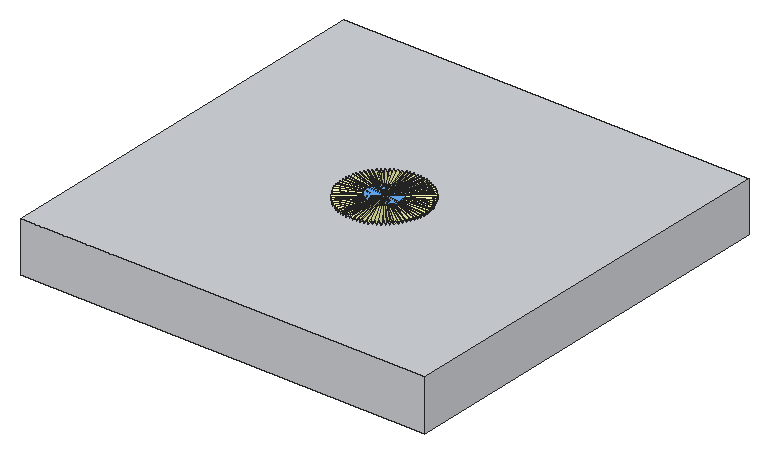
Revit family "Leque de Papel", category Mobiliário, Revit 2018
Family settings
  Hospedeiro = Face
  Corte com vazios quando carregada = Não
  Compartilhado = Não
  Ponto de cálculo do ambiente = Não
Parameters (values of type "Leque de Papel 50cm")
  Leque = Papel
  Default Elevation = 1219.2 mm
  Centro = Papel 3
  50 = yes
  40 = no
  30 = no
  20 = no
  10 = no
Reference planes
  plane 1 "Centro (Frente/Trás)": y = 0
  plane 2: z = 0
  plane 3 "Centro (Esquerda/Direita)": x = 0
  plane 4: z = 20
Forms (mm)
  Extrusion 1, solid
    sketch origin (0, 0, 0) x (1, 0, 0) y (0, 1, 0)
      loop
        line (-1219.2, 1219.2) -> (-1219.2, -1219.2) -> (1219.2, -1219.2) -> (1219.2, 1219.2) -> (-1219.2, 1219.2)
    from 0 to -304.8
  Sweep 2, solid, material "Papel" <- "Leque", visible <- "50", not visible
    path origin (0, 0, 0) x (1, 0, 0) y (0, 1, 0)
      loop
        line (0, -250) -> (0, 250)
    profile origin (0, 0, 0) x (-1, 0, 0) y (0, 0, 1)
      loop
        line (10.75, 0) -> (0, 19.545) -> (-10.75, 0) -> (-9.855, -0.448) -> (0, 17.47) -> (9.855, -0.448) -> (10.75, 0)
  Sweep 3, solid, material "Papel" <- "Leque", visible <- "50", not visible
    path origin (0, 0, 0) x (0, -1, 0) y (-1, 0, 0)
      loop
        line (0, -250) -> (0, 250)
    profile origin (0, 0, 0) x (0, -1, 0) y (0, 0, 1)
      loop
        line (-11, 0) -> (-10.105, -0.448) -> (0, 17.925) -> (10.105, -0.448) -> (11, 0) -> (0, 20) -> (-11, 0)
  Sweep 4, solid, material "Papel" <- "Leque", visible <- "50", not visible
    path origin (0, 0, 0) x (-0.996609, -0.08228, 0) y (-0.08228, 0.996609, 0)
      loop
        line (0, -250) -> (0, 250)
    profile origin (0, 0, 0) x (-0.996609, -0.08228, 0) y (0, 0, 1)
      loop
        line (-10.75, 0) -> (-9.855, -0.448) -> (0, 17.47) -> (9.855, -0.448) -> (10.75, 0) -> (0, 19.545) -> (-10.75, 0)
  Sweep 5, solid, material "Papel" <- "Leque", visible <- "50", not visible
    path origin (0, 0, 0) x (-0.98646, -0.164001, 0) y (-0.164001, 0.98646, 0)
      loop
        line (0, -250) -> (0, 250)
    profile origin (0, 0, 0) x (-0.98646, -0.164001, 0) y (0, 0, 1)
      loop
        line (-10.75, 0) -> (-9.855, -0.448) -> (0, 17.47) -> (9.855, -0.448) -> (10.75, 0) -> (0, 19.545) -> (-10.75, 0)
  Sweep 6, solid, material "Papel" <- "Leque", visible <- "50", not visible
    path origin (0, 0, 0) x (-0.946207, -0.323561, 0) y (-0.323561, 0.946207, 0)
      loop
        line (0, -250) -> (0, 250)
    profile origin (0, 0, 0) x (-0.946207, -0.323561, 0) y (0, 0, 1)
      loop
        line (-10.75, 0) -> (-9.855, -0.448) -> (0, 17.47) -> (9.855, -0.448) -> (10.75, 0) -> (0, 19.545) -> (-10.75, 0)
  Sweep 7, solid, material "Papel" <- "Leque", visible <- "50", not visible
    path origin (0, 0, 0) x (0.969621, 0.244611, 0) y (-0.244611, 0.969621, 0)
      loop
        line (0, -250) -> (0, 250)
    profile origin (0, 0, 0) x (-0.969621, -0.244611, 0) y (0, 0, 1)
      loop
        line (10.75, 0) -> (0, 19.545) -> (-10.75, 0) -> (-9.855, -0.448) -> (0, 17.47) -> (9.855, -0.448) -> (10.75, 0)
  Sweep 8, solid, material "Papel" <- "Leque", visible <- "50", not visible
    path origin (0, 0, 0) x (-0.790616, -0.612312, 0) y (-0.612312, 0.790616, 0)
      loop
        line (0, -250) -> (0, 250)
    profile origin (0, 0, 0) x (-0.790616, -0.612312, 0) y (0, 0, 1)
      loop
        line (-10.75, 0) -> (-9.855, -0.448) -> (0, 17.47) -> (9.855, -0.448) -> (10.75, 0) -> (0, 19.545) -> (-10.75, 0)
  Sweep 9, solid, material "Papel" <- "Leque", visible <- "50", not visible
    path origin (0, 0, 0) x (0.838316, 0.545184, 0) y (-0.545184, 0.838316, 0)
      loop
        line (0, -250) -> (0, 250)
    profile origin (0, 0, 0) x (-0.838316, -0.545184, 0) y (0, 0, 1)
      loop
        line (10.75, 0) -> (0, 19.545) -> (-10.75, 0) -> (-9.855, -0.448) -> (0, 17.47) -> (9.855, -0.448) -> (10.75, 0)
  Sweep 10, solid, material "Papel" <- "Leque", visible <- "50", not visible
    path origin (0, 0, 0) x (0.880331, 0.474359, 0) y (-0.474359, 0.880331, 0)
      loop
        line (0, -250) -> (0, 250)
    profile origin (0, 0, 0) x (-0.880331, -0.474359, 0) y (0, 0, 1)
      loop
        line (10.75, 0) -> (0, 19.545) -> (-10.75, 0) -> (-9.855, -0.448) -> (0, 17.47) -> (9.855, -0.448) -> (10.75, 0)
  Sweep 11, solid, material "Papel" <- "Leque", visible <- "50", not visible
    path origin (0, 0, 0) x (-0.916376, -0.400318, 0) y (-0.400318, 0.916376, 0)
      loop
        line (0, -250) -> (0, 250)
    profile origin (0, 0, 0) x (-0.916376, -0.400318, 0) y (0, 0, 1)
      loop
        line (-10.75, 0) -> (-9.855, -0.448) -> (0, 17.47) -> (9.855, -0.448) -> (10.75, 0) -> (0, 19.545) -> (-10.75, 0)
  Sweep 12, solid, material "Papel" <- "Leque", visible <- "50", not visible
    path origin (0, 0, 0) x (-0.250148, -0.968207, 0) y (-0.968207, 0.250148, 0)
      loop
        line (0, -250) -> (0, 250)
    profile origin (0, 0, 0) x (-0.250148, -0.968207, 0) y (0, 0, 1)
      loop
        line (-10.75, 0) -> (-9.855, -0.448) -> (0, 17.47) -> (9.855, -0.448) -> (10.75, 0) -> (0, 19.545) -> (-10.75, 0)
  Sweep 13, solid, material "Papel" <- "Leque", visible <- "50", not visible
    path origin (0, 0, 0) x (0.328964, 0.944342, 0) y (-0.944342, 0.328964, 0)
      loop
        line (0, -250) -> (0, 250)
    profile origin (0, 0, 0) x (-0.328964, -0.944342, 0) y (0, 0, 1)
      loop
        line (10.75, 0) -> (0, 19.545) -> (-10.75, 0) -> (-9.855, -0.448) -> (0, 17.47) -> (9.855, -0.448) -> (10.75, 0)
  Sweep 14, solid, material "Papel" <- "Leque", visible <- "50", not visible
    path origin (0, 0, 0) x (0.405549, 0.914073, 0) y (-0.914073, 0.405549, 0)
      loop
        line (0, -250) -> (0, 250)
    profile origin (0, 0, 0) x (-0.405549, -0.914073, 0) y (0, 0, 1)
      loop
        line (10.75, 0) -> (0, 19.545) -> (-10.75, 0) -> (-9.855, -0.448) -> (0, 17.47) -> (9.855, -0.448) -> (10.75, 0)
  Sweep 15, solid, material "Papel" <- "Leque", visible <- "50", not visible
    path origin (0, 0, 0) x (0.549967, 0.835187, 0) y (-0.835187, 0.549967, 0)
      loop
        line (0, -250) -> (0, 250)
    profile origin (0, 0, 0) x (-0.549967, -0.835187, 0) y (0, 0, 1)
      loop
        line (10.75, 0) -> (0, 19.545) -> (-10.75, 0) -> (-9.855, -0.448) -> (0, 17.47) -> (9.855, -0.448) -> (10.75, 0)
  Sweep 16, solid, material "Papel" <- "Leque", visible <- "50", not visible
    path origin (0, 0, 0) x (-0.479383, -0.877606, 0) y (-0.877606, 0.479383, 0)
      loop
        line (0, -250) -> (0, 250)
    profile origin (0, 0, 0) x (-0.479383, -0.877606, 0) y (0, 0, 1)
      loop
        line (-10.75, 0) -> (-9.855, -0.448) -> (0, 17.47) -> (9.855, -0.448) -> (10.75, 0) -> (0, 19.545) -> (-10.75, 0)
  Sweep 17, solid, material "Papel" <- "Leque", visible <- "50", not visible
    path origin (0, 0, 0) x (-0.737555, -0.675287, 0) y (-0.675287, 0.737555, 0)
      loop
        line (0, -250) -> (0, 250)
    profile origin (0, 0, 0) x (-0.737555, -0.675287, 0) y (0, 0, 1)
      loop
        line (-10.75, 0) -> (-9.855, -0.448) -> (0, 17.47) -> (9.855, -0.448) -> (10.75, 0) -> (0, 19.545) -> (-10.75, 0)
  Sweep 18, solid, material "Papel" <- "Leque", visible <- "50", not visible
    path origin (0, 0, 0) x (-0.679492, -0.733683, 0) y (-0.733683, 0.679492, 0)
      loop
        line (0, -250) -> (0, 250)
    profile origin (0, 0, 0) x (-0.679492, -0.733683, 0) y (0, 0, 1)
      loop
        line (-10.75, 0) -> (-9.855, -0.448) -> (0, 17.47) -> (9.855, -0.448) -> (10.75, 0) -> (0, 19.545) -> (-10.75, 0)
  Sweep 19, solid, material "Papel" <- "Leque", visible <- "50", not visible
    path origin (0, 0, 0) x (0.616821, 0.787104, 0) y (-0.787104, 0.616821, 0)
      loop
        line (0, -250) -> (0, 250)
    profile origin (0, 0, 0) x (-0.616821, -0.787104, 0) y (0, 0, 1)
      loop
        line (10.75, 0) -> (0, 19.545) -> (-10.75, 0) -> (-9.855, -0.448) -> (0, 17.47) -> (9.855, -0.448) -> (10.75, 0)
  Sweep 20, solid, material "Papel" <- "Leque", visible <- "50", not visible
    path origin (0, 0, 0) x (-0.169637, -0.985507, 0) y (-0.985507, 0.169637, 0)
      loop
        line (0, -250) -> (0, 250)
    profile origin (0, 0, 0) x (-0.169637, -0.985507, 0) y (0, 0, 1)
      loop
        line (-10.75, 0) -> (-9.855, -0.448) -> (0, 17.47) -> (9.855, -0.448) -> (10.75, 0) -> (0, 19.545) -> (-10.75, 0)
  Sweep 21, solid, material "Papel" <- "Leque", visible <- "50", not visible
    path origin (0, 0, 0) x (-0.087974, -0.996123, 0) y (-0.996123, 0.087974, 0)
      loop
        line (0, -250) -> (0, 250)
    profile origin (0, 0, 0) x (-0.087974, -0.996123, 0) y (0, 0, 1)
      loop
        line (-10.75, 0) -> (-9.855, -0.448) -> (0, 17.47) -> (9.855, -0.448) -> (10.75, 0) -> (0, 19.545) -> (-10.75, 0)
  Sweep 22, solid, material "Papel" <- "Leque", visible <- "50", not visible
    path origin (0, 0, 0) x (-0.996609, 0.08228, 0) y (-0.08228, -0.996609, 0)
      loop
        line (0, -250) -> (0, 250)
    profile origin (0, 0, 0) x (0.996609, -0.08228, 0) y (0, 0, 1)
      loop
        line (10.75, 0) -> (0, 19.545) -> (-10.75, 0) -> (-9.855, -0.448) -> (0, 17.47) -> (9.855, -0.448) -> (10.75, 0)
  Sweep 23, solid, material "Papel" <- "Leque", visible <- "50", not visible
    path origin (0, 0, 0) x (-0.98646, 0.164001, 0) y (-0.164001, -0.98646, 0)
      loop
        line (0, -250) -> (0, 250)
    profile origin (0, 0, 0) x (0.98646, -0.164001, 0) y (0, 0, 1)
      loop
        line (10.75, 0) -> (0, 19.545) -> (-10.75, 0) -> (-9.855, -0.448) -> (0, 17.47) -> (9.855, -0.448) -> (10.75, 0)
  Sweep 24, solid, material "Papel" <- "Leque", visible <- "50", not visible
    path origin (0, 0, 0) x (-0.946207, 0.323561, 0) y (-0.323561, -0.946207, 0)
      loop
        line (0, -250) -> (0, 250)
    profile origin (0, 0, 0) x (0.946207, -0.323561, 0) y (0, 0, 1)
      loop
        line (10.75, 0) -> (0, 19.545) -> (-10.75, 0) -> (-9.855, -0.448) -> (0, 17.47) -> (9.855, -0.448) -> (10.75, 0)
  Sweep 25, solid, material "Papel" <- "Leque", visible <- "50", not visible
    path origin (0, 0, 0) x (0.969621, -0.244611, 0) y (-0.244611, -0.969621, 0)
      loop
        line (0, -250) -> (0, 250)
    profile origin (0, 0, 0) x (0.969621, -0.244611, 0) y (0, 0, 1)
      loop
        line (-10.75, 0) -> (-9.855, -0.448) -> (0, 17.47) -> (9.855, -0.448) -> (10.75, 0) -> (0, 19.545) -> (-10.75, 0)
  Sweep 26, solid, material "Papel" <- "Leque", visible <- "50", not visible
    path origin (0, 0, 0) x (-0.790616, 0.612312, 0) y (-0.612312, -0.790616, 0)
      loop
        line (0, -250) -> (0, 250)
    profile origin (0, 0, 0) x (0.790616, -0.612312, 0) y (0, 0, 1)
      loop
        line (10.75, 0) -> (0, 19.545) -> (-10.75, 0) -> (-9.855, -0.448) -> (0, 17.47) -> (9.855, -0.448) -> (10.75, 0)
  Sweep 27, solid, material "Papel" <- "Leque", visible <- "50", not visible
    path origin (0, 0, 0) x (0.838316, -0.545184, 0) y (-0.545184, -0.838316, 0)
      loop
        line (0, -250) -> (0, 250)
    profile origin (0, 0, 0) x (0.838316, -0.545184, 0) y (0, 0, 1)
      loop
        line (-10.75, 0) -> (-9.855, -0.448) -> (0, 17.47) -> (9.855, -0.448) -> (10.75, 0) -> (0, 19.545) -> (-10.75, 0)
  Sweep 28, solid, material "Papel" <- "Leque", visible <- "50", not visible
    path origin (0, 0, 0) x (0.880331, -0.474359, 0) y (-0.474359, -0.880331, 0)
      loop
        line (0, -250) -> (0, 250)
    profile origin (0, 0, 0) x (0.880331, -0.474359, 0) y (0, 0, 1)
      loop
        line (-10.75, 0) -> (-9.855, -0.448) -> (0, 17.47) -> (9.855, -0.448) -> (10.75, 0) -> (0, 19.545) -> (-10.75, 0)
  Sweep 29, solid, material "Papel" <- "Leque", visible <- "50", not visible
    path origin (0, 0, 0) x (-0.916376, 0.400318, 0) y (-0.400318, -0.916376, 0)
      loop
        line (0, -250) -> (0, 250)
    profile origin (0, 0, 0) x (0.916376, -0.400318, 0) y (0, 0, 1)
      loop
        line (10.75, 0) -> (0, 19.545) -> (-10.75, 0) -> (-9.855, -0.448) -> (0, 17.47) -> (9.855, -0.448) -> (10.75, 0)
  Sweep 30, solid, material "Papel" <- "Leque", visible <- "50", not visible
    path origin (0, 0, 0) x (-0.250148, 0.968207, 0) y (-0.968207, -0.250148, 0)
      loop
        line (0, -250) -> (0, 250)
    profile origin (0, 0, 0) x (0.250148, -0.968207, 0) y (0, 0, 1)
      loop
        line (10.75, 0) -> (0, 19.545) -> (-10.75, 0) -> (-9.855, -0.448) -> (0, 17.47) -> (9.855, -0.448) -> (10.75, 0)
  Sweep 31, solid, material "Papel" <- "Leque", visible <- "50", not visible
    path origin (0, 0, 0) x (0.328964, -0.944342, 0) y (-0.944342, -0.328964, 0)
      loop
        line (0, -250) -> (0, 250)
    profile origin (0, 0, 0) x (0.328964, -0.944342, 0) y (0, 0, 1)
      loop
        line (-10.75, 0) -> (-9.855, -0.448) -> (0, 17.47) -> (9.855, -0.448) -> (10.75, 0) -> (0, 19.545) -> (-10.75, 0)
  Sweep 32, solid, material "Papel" <- "Leque", visible <- "50", not visible
    path origin (0, 0, 0) x (0.405549, -0.914073, 0) y (-0.914073, -0.405549, 0)
      loop
        line (0, -250) -> (0, 250)
    profile origin (0, 0, 0) x (0.405549, -0.914073, 0) y (0, 0, 1)
      loop
        line (-10.75, 0) -> (-9.855, -0.448) -> (0, 17.47) -> (9.855, -0.448) -> (10.75, 0) -> (0, 19.545) -> (-10.75, 0)
  Sweep 33, solid, material "Papel" <- "Leque", visible <- "50", not visible
    path origin (0, 0, 0) x (0.549967, -0.835187, 0) y (-0.835187, -0.549967, 0)
      loop
        line (0, -250) -> (0, 250)
    profile origin (0, 0, 0) x (0.549967, -0.835187, 0) y (0, 0, 1)
      loop
        line (-10.75, 0) -> (-9.855, -0.448) -> (0, 17.47) -> (9.855, -0.448) -> (10.75, 0) -> (0, 19.545) -> (-10.75, 0)
  Sweep 34, solid, material "Papel" <- "Leque", visible <- "50", not visible
    path origin (0, 0, 0) x (-0.479383, 0.877606, 0) y (-0.877606, -0.479383, 0)
      loop
        line (0, -250) -> (0, 250)
    profile origin (0, 0, 0) x (0.479383, -0.877606, 0) y (0, 0, 1)
      loop
        line (10.75, 0) -> (0, 19.545) -> (-10.75, 0) -> (-9.855, -0.448) -> (0, 17.47) -> (9.855, -0.448) -> (10.75, 0)
  Sweep 35, solid, material "Papel" <- "Leque", visible <- "50", not visible
    path origin (0, 0, 0) x (-0.737555, 0.675287, 0) y (-0.675287, -0.737555, 0)
      loop
        line (0, -250) -> (0, 250)
    profile origin (0, 0, 0) x (0.737555, -0.675287, 0) y (0, 0, 1)
      loop
        line (10.75, 0) -> (0, 19.545) -> (-10.75, 0) -> (-9.855, -0.448) -> (0, 17.47) -> (9.855, -0.448) -> (10.75, 0)
  Sweep 36, solid, material "Papel" <- "Leque", visible <- "50", not visible
    path origin (0, 0, 0) x (-0.679492, 0.733683, 0) y (-0.733683, -0.679492, 0)
      loop
        line (0, -250) -> (0, 250)
    profile origin (0, 0, 0) x (0.679492, -0.733683, 0) y (0, 0, 1)
      loop
        line (10.75, 0) -> (0, 19.545) -> (-10.75, 0) -> (-9.855, -0.448) -> (0, 17.47) -> (9.855, -0.448) -> (10.75, 0)
  Sweep 37, solid, material "Papel" <- "Leque", visible <- "50", not visible
    path origin (0, 0, 0) x (0.616821, -0.787104, 0) y (-0.787104, -0.616821, 0)
      loop
        line (0, -250) -> (0, 250)
    profile origin (0, 0, 0) x (0.616821, -0.787104, 0) y (0, 0, 1)
      loop
        line (-10.75, 0) -> (-9.855, -0.448) -> (0, 17.47) -> (9.855, -0.448) -> (10.75, 0) -> (0, 19.545) -> (-10.75, 0)
  Sweep 38, solid, material "Papel" <- "Leque", visible <- "50", not visible
    path origin (0, 0, 0) x (-0.169637, 0.985507, 0) y (-0.985507, -0.169637, 0)
      loop
        line (0, -250) -> (0, 250)
    profile origin (0, 0, 0) x (0.169637, -0.985507, 0) y (0, 0, 1)
      loop
        line (10.75, 0) -> (0, 19.545) -> (-10.75, 0) -> (-9.855, -0.448) -> (0, 17.47) -> (9.855, -0.448) -> (10.75, 0)
  Sweep 39, solid, material "Papel" <- "Leque", visible <- "50", not visible
    path origin (0, 0, 0) x (-0.087974, 0.996123, 0) y (-0.996123, -0.087974, 0)
      loop
        line (0, -250) -> (0, 250)
    profile origin (0, 0, 0) x (0.087974, -0.996123, 0) y (0, 0, 1)
      loop
        line (10.75, 0) -> (0, 19.545) -> (-10.75, 0) -> (-9.855, -0.448) -> (0, 17.47) -> (9.855, -0.448) -> (10.75, 0)
  Extrusion 40, solid, material "Papel 3" <- "Centro", visible <- "50", not visible
    sketch origin (533.855, -4385.597, 20) x (-1, 0, 0) y (0, -1, 0)
      loop
        circle (533.855, -4385.597) r 100
    from 0 to 2
  Sweep 41, solid, material "Papel" <- "Leque", visible <- "40", not visible
    path origin (-600, 0, 0) x (1, 0, 0) y (0, 1, 0)
      loop
        line (0, -200) -> (0, 200)
    profile origin (-600, 0, 0) x (-1, 0, 0) y (0, 0, 1)
      loop
        line (10.2, 0) -> (0, 18.545) -> (-10.2, 0) -> (-9.305, -0.448) -> (0, 16.47) -> (9.305, -0.448) -> (10.2, 0)
  Sweep 42, solid, material "Papel" <- "Leque", visible <- "40", not visible
    path origin (-600, 0, 0) x (0, -1, 0) y (-1, 0, 0)
      loop
        line (0, -200) -> (0, 200)
    profile origin (-600, 0, 0) x (0, -1, 0) y (0, 0, 1)
      loop
        line (-10, 0) -> (-9.105, -0.448) -> (0, 16.107) -> (9.105, -0.448) -> (10, 0) -> (0, 18.182) -> (-10, 0)
  Sweep 43, solid, material "Papel" <- "Leque", visible <- "40", not visible
    path origin (-600, 0, 0) x (-0.995256, -0.097293, 0) y (-0.097293, 0.995256, 0)
      loop
        line (0, -200) -> (0, 200)
    profile origin (-600, 0, 0) x (-0.995256, -0.097293, 0) y (0, 0, 1)
      loop
        line (-10.2, 0) -> (-9.305, -0.448) -> (0, 16.47) -> (9.305, -0.448) -> (10.2, 0) -> (0, 18.545) -> (-10.2, 0)
  Sweep 44, solid, material "Papel" <- "Leque", visible <- "40", not visible
    path origin (-600, 0, 0) x (-0.981068, -0.193662, 0) y (-0.193662, 0.981068, 0)
      loop
        line (0, -200) -> (0, 200)
    profile origin (-600, 0, 0) x (-0.981068, -0.193662, 0) y (0, 0, 1)
      loop
        line (-10.2, 0) -> (-9.305, -0.448) -> (0, 16.47) -> (9.305, -0.448) -> (10.2, 0) -> (0, 18.545) -> (-10.2, 0)
  Sweep 45, solid, material "Papel" <- "Leque", visible <- "40", not visible
    path origin (-600, 0, 0) x (-0.92499, -0.379991, 0) y (-0.379991, 0.92499, 0)
      loop
        line (0, -200) -> (0, 200)
    profile origin (-600, 0, 0) x (-0.92499, -0.379991, 0) y (0, 0, 1)
      loop
        line (-10.2, 0) -> (-9.305, -0.448) -> (0, 16.47) -> (9.305, -0.448) -> (10.2, 0) -> (0, 18.545) -> (-10.2, 0)
  Sweep 46, solid, material "Papel" <- "Leque", visible <- "40", not visible
    path origin (-600, 0, 0) x (0.957572, 0.288194, 0) y (-0.288194, 0.957572, 0)
      loop
        line (0, -200) -> (0, 200)
    profile origin (-600, 0, 0) x (-0.957572, -0.288194, 0) y (0, 0, 1)
      loop
        line (10.2, 0) -> (0, 18.545) -> (-10.2, 0) -> (-9.305, -0.448) -> (0, 16.47) -> (9.305, -0.448) -> (10.2, 0)
  Sweep 47, solid, material "Papel" <- "Leque", visible <- "40", not visible
    path origin (-600, 0, 0) x (-0.711213, -0.702977, 0) y (-0.702977, 0.711213, 0)
      loop
        line (0, -200) -> (0, 200)
    profile origin (-600, 0, 0) x (-0.711213, -0.702977, 0) y (0, 0, 1)
      loop
        line (-10.2, 0) -> (-9.305, -0.448) -> (0, 16.47) -> (9.305, -0.448) -> (10.2, 0) -> (0, 18.545) -> (-10.2, 0)
  Sweep 48, solid, material "Papel" <- "Leque", visible <- "40", not visible
    path origin (-600, 0, 0) x (0.776233, 0.630446, 0) y (-0.630446, 0.776233, 0)
      loop
        line (0, -200) -> (0, 200)
    profile origin (-600, 0, 0) x (-0.776233, -0.630446, 0) y (0, 0, 1)
      loop
        line (10.2, 0) -> (0, 18.545) -> (-10.2, 0) -> (-9.305, -0.448) -> (0, 16.47) -> (9.305, -0.448) -> (10.2, 0)
  Sweep 49, solid, material "Papel" <- "Leque", visible <- "40", not visible
    path origin (-600, 0, 0) x (0.833888, 0.551933, 0) y (-0.551933, 0.833888, 0)
      loop
        line (0, -200) -> (0, 200)
    profile origin (-600, 0, 0) x (-0.833888, -0.551933, 0) y (0, 0, 1)
      loop
        line (10.2, 0) -> (0, 18.545) -> (-10.2, 0) -> (-9.305, -0.448) -> (0, 16.47) -> (9.305, -0.448) -> (10.2, 0)
  Sweep 50, solid, material "Papel" <- "Leque", visible <- "40", not visible
    path origin (-600, 0, 0) x (-0.883631, -0.468183, 0) y (-0.468183, 0.883631, 0)
      loop
        line (0, -200) -> (0, 200)
    profile origin (-600, 0, 0) x (-0.883631, -0.468183, 0) y (0, 0, 1)
      loop
        line (-10.2, 0) -> (-9.305, -0.448) -> (0, 16.47) -> (9.305, -0.448) -> (10.2, 0) -> (0, 18.545) -> (-10.2, 0)
  Sweep 51, solid, material "Papel" <- "Leque", visible <- "40", not visible
    path origin (-600, 0, 0) x (0.09901, 0.995086, 0) y (-0.995086, 0.09901, 0)
      loop
        line (0, -200) -> (0, 200)
    profile origin (-600, 0, 0) x (-0.09901, -0.995086, 0) y (0, 0, 1)
      loop
        line (10.2, 0) -> (0, 18.545) -> (-10.2, 0) -> (-9.305, -0.448) -> (0, 16.47) -> (9.305, -0.448) -> (10.2, 0)
  Sweep 52, solid, material "Papel" <- "Leque", visible <- "40", not visible
    path origin (-600, 0, 0) x (0.19968, 0.979861, 0) y (-0.979861, 0.19968, 0)
      loop
        line (0, -200) -> (0, 200)
    profile origin (-600, 0, 0) x (-0.19968, -0.979861, 0) y (0, 0, 1)
      loop
        line (10.2, 0) -> (0, 18.545) -> (-10.2, 0) -> (-9.305, -0.448) -> (0, 16.47) -> (9.305, -0.448) -> (10.2, 0)
  Sweep 53, solid, material "Papel" <- "Leque", visible <- "40", not visible
    path origin (-600, 0, 0) x (0.39074, 0.920501, 0) y (-0.920501, 0.39074, 0)
      loop
        line (0, -200) -> (0, 200)
    profile origin (-600, 0, 0) x (-0.39074, -0.920501, 0) y (0, 0, 1)
      loop
        line (10.2, 0) -> (0, 18.545) -> (-10.2, 0) -> (-9.305, -0.448) -> (0, 16.47) -> (9.305, -0.448) -> (10.2, 0)
  Sweep 54, solid, material "Papel" <- "Leque", visible <- "40", not visible
    path origin (-600, 0, 0) x (-0.299328, -0.95415, 0) y (-0.95415, 0.299328, 0)
      loop
        line (0, -200) -> (0, 200)
    profile origin (-600, 0, 0) x (-0.299328, -0.95415, 0) y (0, 0, 1)
      loop
        line (-10.2, 0) -> (-9.305, -0.448) -> (0, 16.47) -> (9.305, -0.448) -> (10.2, 0) -> (0, 18.545) -> (-10.2, 0)
  Sweep 55, solid, material "Papel" <- "Leque", visible <- "40", not visible
    path origin (-600, 0, 0) x (-0.639445, -0.768837, 0) y (-0.768837, 0.639445, 0)
      loop
        line (0, -200) -> (0, 200)
    profile origin (-600, 0, 0) x (-0.639445, -0.768837, 0) y (0, 0, 1)
      loop
        line (-10.2, 0) -> (-9.305, -0.448) -> (0, 16.47) -> (9.305, -0.448) -> (10.2, 0) -> (0, 18.545) -> (-10.2, 0)
  Sweep 56, solid, material "Papel" <- "Leque", visible <- "40", not visible
    path origin (-600, 0, 0) x (-0.561609, -0.827403, 0) y (-0.827403, 0.561609, 0)
      loop
        line (0, -200) -> (0, 200)
    profile origin (-600, 0, 0) x (-0.561609, -0.827403, 0) y (0, 0, 1)
      loop
        line (-10.2, 0) -> (-9.305, -0.448) -> (0, 16.47) -> (9.305, -0.448) -> (10.2, 0) -> (0, 18.545) -> (-10.2, 0)
  Sweep 57, solid, material "Papel" <- "Leque", visible <- "40", not visible
    path origin (-600, 0, 0) x (0.478444, 0.878118, 0) y (-0.878118, 0.478444, 0)
      loop
        line (0, -200) -> (0, 200)
    profile origin (-600, 0, 0) x (-0.478444, -0.878118, 0) y (0, 0, 1)
      loop
        line (10.2, 0) -> (0, 18.545) -> (-10.2, 0) -> (-9.305, -0.448) -> (0, 16.47) -> (9.305, -0.448) -> (10.2, 0)
  Sweep 58, solid, material "Papel" <- "Leque", visible <- "40", not visible
    path origin (-600, 0, 0) x (0.995256, -0.097293, 0) y (0.097293, 0.995256, 0)
      loop
        line (0, -200) -> (0, 200)
    profile origin (-600, 0, 0) x (-0.995256, 0.097293, 0) y (0, 0, 1)
      loop
        line (10.2, 0) -> (0, 18.545) -> (-10.2, 0) -> (-9.305, -0.448) -> (0, 16.47) -> (9.305, -0.448) -> (10.2, 0)
  Sweep 59, solid, material "Papel" <- "Leque", visible <- "40", not visible
    path origin (-600, 0, 0) x (0.981068, -0.193662, 0) y (0.193662, 0.981068, 0)
      loop
        line (0, -200) -> (0, 200)
    profile origin (-600, 0, 0) x (-0.981068, 0.193662, 0) y (0, 0, 1)
      loop
        line (10.2, 0) -> (0, 18.545) -> (-10.2, 0) -> (-9.305, -0.448) -> (0, 16.47) -> (9.305, -0.448) -> (10.2, 0)
  Sweep 60, solid, material "Papel" <- "Leque", visible <- "40", not visible
    path origin (-600, 0, 0) x (0.92499, -0.379991, 0) y (0.379991, 0.92499, 0)
      loop
        line (0, -200) -> (0, 200)
    profile origin (-600, 0, 0) x (-0.92499, 0.379991, 0) y (0, 0, 1)
      loop
        line (10.2, 0) -> (0, 18.545) -> (-10.2, 0) -> (-9.305, -0.448) -> (0, 16.47) -> (9.305, -0.448) -> (10.2, 0)
  Sweep 61, solid, material "Papel" <- "Leque", visible <- "40", not visible
    path origin (-600, 0, 0) x (-0.957572, 0.288194, 0) y (0.288194, 0.957572, 0)
      loop
        line (0, -200) -> (0, 200)
    profile origin (-600, 0, 0) x (-0.957572, 0.288194, 0) y (0, 0, 1)
      loop
        line (-10.2, 0) -> (-9.305, -0.448) -> (0, 16.47) -> (9.305, -0.448) -> (10.2, 0) -> (0, 18.545) -> (-10.2, 0)
  Sweep 62, solid, material "Papel" <- "Leque", visible <- "40", not visible
    path origin (-600, 0, 0) x (0.711213, -0.702977, 0) y (0.702977, 0.711213, 0)
      loop
        line (0, -200) -> (0, 200)
    profile origin (-600, 0, 0) x (-0.711213, 0.702977, 0) y (0, 0, 1)
      loop
        line (10.2, 0) -> (0, 18.545) -> (-10.2, 0) -> (-9.305, -0.448) -> (0, 16.47) -> (9.305, -0.448) -> (10.2, 0)
  Sweep 63, solid, material "Papel" <- "Leque", visible <- "40", not visible
    path origin (-600, 0, 0) x (-0.776233, 0.630446, 0) y (0.630446, 0.776233, 0)
      loop
        line (0, -200) -> (0, 200)
    profile origin (-600, 0, 0) x (-0.776233, 0.630446, 0) y (0, 0, 1)
      loop
        line (-10.2, 0) -> (-9.305, -0.448) -> (0, 16.47) -> (9.305, -0.448) -> (10.2, 0) -> (0, 18.545) -> (-10.2, 0)
  Sweep 64, solid, material "Papel" <- "Leque", visible <- "40", not visible
    path origin (-600, 0, 0) x (-0.833888, 0.551933, 0) y (0.551933, 0.833888, 0)
      loop
        line (0, -200) -> (0, 200)
    profile origin (-600, 0, 0) x (-0.833888, 0.551933, 0) y (0, 0, 1)
      loop
        line (-10.2, 0) -> (-9.305, -0.448) -> (0, 16.47) -> (9.305, -0.448) -> (10.2, 0) -> (0, 18.545) -> (-10.2, 0)
  Sweep 65, solid, material "Papel" <- "Leque", visible <- "40", not visible
    path origin (-600, 0, 0) x (0.883631, -0.468183, 0) y (0.468183, 0.883631, 0)
      loop
        line (0, -200) -> (0, 200)
    profile origin (-600, 0, 0) x (-0.883631, 0.468183, 0) y (0, 0, 1)
      loop
        line (10.2, 0) -> (0, 18.545) -> (-10.2, 0) -> (-9.305, -0.448) -> (0, 16.47) -> (9.305, -0.448) -> (10.2, 0)
  Sweep 66, solid, material "Papel" <- "Leque", visible <- "40", not visible
    path origin (-600, 0, 0) x (-0.09901, 0.995086, 0) y (0.995086, 0.09901, 0)
      loop
        line (0, -200) -> (0, 200)
    profile origin (-600, 0, 0) x (-0.09901, 0.995086, 0) y (0, 0, 1)
      loop
        line (-10.2, 0) -> (-9.305, -0.448) -> (0, 16.47) -> (9.305, -0.448) -> (10.2, 0) -> (0, 18.545) -> (-10.2, 0)
  Sweep 67, solid, material "Papel" <- "Leque", visible <- "40", not visible
    path origin (-600, 0, 0) x (-0.19968, 0.979861, 0) y (0.979861, 0.19968, 0)
      loop
        line (0, -200) -> (0, 200)
    profile origin (-600, 0, 0) x (-0.19968, 0.979861, 0) y (0, 0, 1)
      loop
        line (-10.2, 0) -> (-9.305, -0.448) -> (0, 16.47) -> (9.305, -0.448) -> (10.2, 0) -> (0, 18.545) -> (-10.2, 0)
  Sweep 68, solid, material "Papel" <- "Leque", visible <- "40", not visible
    path origin (-600, 0, 0) x (-0.39074, 0.920501, 0) y (0.920501, 0.39074, 0)
      loop
        line (0, -200) -> (0, 200)
    profile origin (-600, 0, 0) x (-0.39074, 0.920501, 0) y (0, 0, 1)
      loop
        line (-10.2, 0) -> (-9.305, -0.448) -> (0, 16.47) -> (9.305, -0.448) -> (10.2, 0) -> (0, 18.545) -> (-10.2, 0)
  Sweep 69, solid, material "Papel" <- "Leque", visible <- "40", not visible
    path origin (-600, 0, 0) x (0.299328, -0.95415, 0) y (0.95415, 0.299328, 0)
      loop
        line (0, -200) -> (0, 200)
    profile origin (-600, 0, 0) x (-0.299328, 0.95415, 0) y (0, 0, 1)
      loop
        line (10.2, 0) -> (0, 18.545) -> (-10.2, 0) -> (-9.305, -0.448) -> (0, 16.47) -> (9.305, -0.448) -> (10.2, 0)
  Sweep 70, solid, material "Papel" <- "Leque", visible <- "40", not visible
    path origin (-600, 0, 0) x (0.639445, -0.768837, 0) y (0.768837, 0.639445, 0)
      loop
        line (0, -200) -> (0, 200)
    profile origin (-600, 0, 0) x (-0.639445, 0.768837, 0) y (0, 0, 1)
      loop
        line (10.2, 0) -> (0, 18.545) -> (-10.2, 0) -> (-9.305, -0.448) -> (0, 16.47) -> (9.305, -0.448) -> (10.2, 0)
  Sweep 71, solid, material "Papel" <- "Leque", visible <- "40", not visible
    path origin (-600, 0, 0) x (0.561609, -0.827403, 0) y (0.827403, 0.561609, 0)
      loop
        line (0, -200) -> (0, 200)
    profile origin (-600, 0, 0) x (-0.561609, 0.827403, 0) y (0, 0, 1)
      loop
        line (10.2, 0) -> (0, 18.545) -> (-10.2, 0) -> (-9.305, -0.448) -> (0, 16.47) -> (9.305, -0.448) -> (10.2, 0)
  Sweep 72, solid, material "Papel" <- "Leque", visible <- "40", not visible
    path origin (-600, 0, 0) x (-0.478444, 0.878118, 0) y (0.878118, 0.478444, 0)
      loop
        line (0, -200) -> (0, 200)
    profile origin (-600, 0, 0) x (-0.478444, 0.878118, 0) y (0, 0, 1)
      loop
        line (-10.2, 0) -> (-9.305, -0.448) -> (0, 16.47) -> (9.305, -0.448) -> (10.2, 0) -> (0, 18.545) -> (-10.2, 0)
  Extrusion 73, solid, material "Papel 3" <- "Centro", visible <- "40", not visible
    sketch origin (-467.627, -4293.884, 20) x (-1, 0, 0) y (0, -1, 0)
      loop
        circle (132.373, -4293.884) r 80
    from -1.455 to 0.5
  Sweep 74, solid, material "Papel" <- "Leque", visible <- "30", not visible
    path origin (0, 643.421, 0) x (1, 0, 0) y (0, 1, 0)
      loop
        line (0, -150) -> (0, 150)
    profile origin (0, 643.421, 0) x (-1, 0, 0) y (0, 0, 1)
      loop
        line (10.2, 0) -> (0, 18.545) -> (-10.2, 0) -> (-9.305, -0.448) -> (0, 16.47) -> (9.305, -0.448) -> (10.2, 0)
  Sweep 75, solid, material "Papel" <- "Leque", visible <- "30", not visible
    path origin (0, 643.421, 0) x (0, -1, 0) y (-1, 0, 0)
      loop
        line (0, -150) -> (0, 150)
    profile origin (0, 643.421, 0) x (0, -1, 0) y (0, 0, 1)
      loop
        line (-10.2, 0) -> (-9.305, -0.448) -> (0, 16.47) -> (9.305, -0.448) -> (10.2, 0) -> (0, 18.545) -> (-10.2, 0)
  Sweep 76, solid, material "Papel" <- "Leque", visible <- "30", not visible
    path origin (0, 643.421, 0) x (-0.991582, -0.129484, 0) y (0.129484, -0.991582, 0)
      loop
        line (0, -150) -> (0, 150)
    profile origin (0, 643.421, 0) x (0.991582, 0.129484, 0) y (0, 0, 1)
      loop
        line (10.2, 0) -> (0, 18.545) -> (-10.2, 0) -> (-9.305, -0.448) -> (0, 16.47) -> (9.305, -0.448) -> (10.2, 0)
  Sweep 77, solid, material "Papel" <- "Leque", visible <- "30", not visible
    path origin (0, 643.421, 0) x (-0.966468, -0.256788, 0) y (-0.256788, 0.966468, 0)
      loop
        line (0, -150) -> (0, 150)
    profile origin (0, 643.421, 0) x (-0.966468, -0.256788, 0) y (0, 0, 1)
      loop
        line (-10.2, 0) -> (-9.305, -0.448) -> (0, 16.47) -> (9.305, -0.448) -> (10.2, 0) -> (0, 18.545) -> (-10.2, 0)
  Sweep 78, solid, material "Papel" <- "Leque", visible <- "30", not visible
    path origin (0, 643.421, 0) x (-0.86812, -0.496355, 0) y (-0.496355, 0.86812, 0)
      loop
        line (0, -150) -> (0, 150)
    profile origin (0, 643.421, 0) x (-0.86812, -0.496355, 0) y (0, 0, 1)
      loop
        line (-10.2, 0) -> (-9.305, -0.448) -> (0, 16.47) -> (9.305, -0.448) -> (10.2, 0) -> (0, 18.545) -> (-10.2, 0)
  Sweep 79, solid, material "Papel" <- "Leque", visible <- "30", not visible
    path origin (0, 643.421, 0) x (0.925082, 0.379768, 0) y (0.379768, -0.925082, 0)
      loop
        line (0, -150) -> (0, 150)
    profile origin (0, 643.421, 0) x (0.925082, 0.379768, 0) y (0, 0, 1)
      loop
        line (-10.2, 0) -> (-9.305, -0.448) -> (0, 16.47) -> (9.305, -0.448) -> (10.2, 0) -> (0, 18.545) -> (-10.2, 0)
  Sweep 80, solid, material "Papel" <- "Leque", visible <- "30", not visible
    path origin (0, 643.421, 0) x (-0.507264, -0.861791, 0) y (-0.861791, 0.507264, 0)
      loop
        line (0, -150) -> (0, 150)
    profile origin (0, 643.421, 0) x (-0.507264, -0.861791, 0) y (0, 0, 1)
      loop
        line (-10.2, 0) -> (-9.305, -0.448) -> (0, 16.47) -> (9.305, -0.448) -> (10.2, 0) -> (0, 18.545) -> (-10.2, 0)
  Sweep 81, solid, material "Papel" <- "Leque", visible <- "30", not visible
    path origin (0, 643.421, 0) x (0.614582, 0.788853, 0) y (0.788853, -0.614582, 0)
      loop
        line (0, -150) -> (0, 150)
    profile origin (0, 643.421, 0) x (0.614582, 0.788853, 0) y (0, 0, 1)
      loop
        line (-10.2, 0) -> (-9.305, -0.448) -> (0, 16.47) -> (9.305, -0.448) -> (10.2, 0) -> (0, 18.545) -> (-10.2, 0)
  Sweep 82, solid, material "Papel" <- "Leque", visible <- "30", not visible
    path origin (0, 643.421, 0) x (0.711552, 0.702634, 0) y (-0.702634, 0.711552, 0)
      loop
        line (0, -150) -> (0, 150)
    profile origin (0, 643.421, 0) x (-0.711552, -0.702634, 0) y (0, 0, 1)
      loop
        line (10.2, 0) -> (0, 18.545) -> (-10.2, 0) -> (-9.305, -0.448) -> (0, 16.47) -> (9.305, -0.448) -> (10.2, 0)
  Sweep 83, solid, material "Papel" <- "Leque", visible <- "30", not visible
    path origin (0, 643.421, 0) x (-0.796542, -0.604584, 0) y (0.604584, -0.796542, 0)
      loop
        line (0, -150) -> (0, 150)
    profile origin (0, 643.421, 0) x (0.796542, 0.604584, 0) y (0, 0, 1)
      loop
        line (10.2, 0) -> (0, 18.545) -> (-10.2, 0) -> (-9.305, -0.448) -> (0, 16.47) -> (9.305, -0.448) -> (10.2, 0)
  Sweep 84, solid, material "Papel" <- "Leque", visible <- "30", not visible
    path origin (0, 643.421, 0) x (-0.391405, -0.920218, 0) y (0.920218, -0.391405, 0)
      loop
        line (0, -150) -> (0, 150)
    profile origin (0, 643.421, 0) x (0.391405, 0.920218, 0) y (0, 0, 1)
      loop
        line (10.2, 0) -> (0, 18.545) -> (-10.2, 0) -> (-9.305, -0.448) -> (0, 16.47) -> (9.305, -0.448) -> (10.2, 0)
  Sweep 85, solid, material "Papel" <- "Leque", visible <- "30", not visible
    path origin (0, 643.421, 0) x (-0.266604, -0.963806, 0) y (-0.963806, 0.266604, 0)
      loop
        line (0, -150) -> (0, 150)
    profile origin (0, 643.421, 0) x (-0.266604, -0.963806, 0) y (0, 0, 1)
      loop
        line (-10.2, 0) -> (-9.305, -0.448) -> (0, 16.47) -> (9.305, -0.448) -> (10.2, 0) -> (0, 18.545) -> (-10.2, 0)
  Sweep 86, solid, material "Papel" <- "Leque", visible <- "30", not visible
    path origin (0, 643.421, 0) x (0.133675, 0.991025, 0) y (0.991025, -0.133675, 0)
      loop
        line (0, -150) -> (0, 150)
    profile origin (0, 643.421, 0) x (0.133675, 0.991025, 0) y (0, 0, 1)
      loop
        line (-10.2, 0) -> (-9.305, -0.448) -> (0, 16.47) -> (9.305, -0.448) -> (10.2, 0) -> (0, 18.545) -> (-10.2, 0)
  Sweep 87, solid, material "Papel" <- "Leque", visible <- "30", not visible
    path origin (0, 643.421, 0) x (-0.991582, 0.129484, 0) y (0.129484, 0.991582, 0)
      loop
        line (0, -150) -> (0, 150)
    profile origin (0, 643.421, 0) x (-0.991582, 0.129484, 0) y (0, 0, 1)
      loop
        line (-10.2, 0) -> (-9.305, -0.448) -> (0, 16.47) -> (9.305, -0.448) -> (10.2, 0) -> (0, 18.545) -> (-10.2, 0)
  Sweep 88, solid, material "Papel" <- "Leque", visible <- "30", not visible
    path origin (0, 643.421, 0) x (-0.966468, 0.256788, 0) y (-0.256788, -0.966468, 0)
      loop
        line (0, -150) -> (0, 150)
    profile origin (0, 643.421, 0) x (0.966468, -0.256788, 0) y (0, 0, 1)
      loop
        line (10.2, 0) -> (0, 18.545) -> (-10.2, 0) -> (-9.305, -0.448) -> (0, 16.47) -> (9.305, -0.448) -> (10.2, 0)
  Sweep 89, solid, material "Papel" <- "Leque", visible <- "30", not visible
    path origin (0, 643.421, 0) x (-0.86812, 0.496355, 0) y (-0.496355, -0.86812, 0)
      loop
        line (0, -150) -> (0, 150)
    profile origin (0, 643.421, 0) x (0.86812, -0.496355, 0) y (0, 0, 1)
      loop
        line (10.2, 0) -> (0, 18.545) -> (-10.2, 0) -> (-9.305, -0.448) -> (0, 16.47) -> (9.305, -0.448) -> (10.2, 0)
  Sweep 90, solid, material "Papel" <- "Leque", visible <- "30", not visible
    path origin (0, 643.421, 0) x (0.925082, -0.379768, 0) y (0.379768, 0.925082, 0)
      loop
        line (0, -150) -> (0, 150)
    profile origin (0, 643.421, 0) x (-0.925082, 0.379768, 0) y (0, 0, 1)
      loop
        line (10.2, 0) -> (0, 18.545) -> (-10.2, 0) -> (-9.305, -0.448) -> (0, 16.47) -> (9.305, -0.448) -> (10.2, 0)
  Sweep 91, solid, material "Papel" <- "Leque", visible <- "30", not visible
    path origin (0, 643.421, 0) x (-0.507264, 0.861791, 0) y (-0.861791, -0.507264, 0)
      loop
        line (0, -150) -> (0, 150)
    profile origin (0, 643.421, 0) x (0.507264, -0.861791, 0) y (0, 0, 1)
      loop
        line (10.2, 0) -> (0, 18.545) -> (-10.2, 0) -> (-9.305, -0.448) -> (0, 16.47) -> (9.305, -0.448) -> (10.2, 0)
  Sweep 92, solid, material "Papel" <- "Leque", visible <- "30", not visible
    path origin (0, 643.421, 0) x (0.614582, -0.788853, 0) y (0.788853, 0.614582, 0)
      loop
        line (0, -150) -> (0, 150)
    profile origin (0, 643.421, 0) x (-0.614582, 0.788853, 0) y (0, 0, 1)
      loop
        line (10.2, 0) -> (0, 18.545) -> (-10.2, 0) -> (-9.305, -0.448) -> (0, 16.47) -> (9.305, -0.448) -> (10.2, 0)
  Sweep 93, solid, material "Papel" <- "Leque", visible <- "30", not visible
    path origin (0, 643.421, 0) x (0.711552, -0.702634, 0) y (-0.702634, -0.711552, 0)
      loop
        line (0, -150) -> (0, 150)
    profile origin (0, 643.421, 0) x (0.711552, -0.702634, 0) y (0, 0, 1)
      loop
        line (-10.2, 0) -> (-9.305, -0.448) -> (0, 16.47) -> (9.305, -0.448) -> (10.2, 0) -> (0, 18.545) -> (-10.2, 0)
  Sweep 94, solid, material "Papel" <- "Leque", visible <- "30", not visible
    path origin (0, 643.421, 0) x (-0.796542, 0.604584, 0) y (0.604584, 0.796542, 0)
      loop
        line (0, -150) -> (0, 150)
    profile origin (0, 643.421, 0) x (-0.796542, 0.604584, 0) y (0, 0, 1)
      loop
        line (-10.2, 0) -> (-9.305, -0.448) -> (0, 16.47) -> (9.305, -0.448) -> (10.2, 0) -> (0, 18.545) -> (-10.2, 0)
  Sweep 95, solid, material "Papel" <- "Leque", visible <- "30", not visible
    path origin (0, 643.421, 0) x (-0.391405, 0.920218, 0) y (0.920218, 0.391405, 0)
      loop
        line (0, -150) -> (0, 150)
    profile origin (0, 643.421, 0) x (-0.391405, 0.920218, 0) y (0, 0, 1)
      loop
        line (-10.2, 0) -> (-9.305, -0.448) -> (0, 16.47) -> (9.305, -0.448) -> (10.2, 0) -> (0, 18.545) -> (-10.2, 0)
  Sweep 96, solid, material "Papel" <- "Leque", visible <- "30", not visible
    path origin (0, 643.421, 0) x (-0.266604, 0.963806, 0) y (-0.963806, -0.266604, 0)
      loop
        line (0, -150) -> (0, 150)
    profile origin (0, 643.421, 0) x (0.266604, -0.963806, 0) y (0, 0, 1)
      loop
        line (10.2, 0) -> (0, 18.545) -> (-10.2, 0) -> (-9.305, -0.448) -> (0, 16.47) -> (9.305, -0.448) -> (10.2, 0)
  Sweep 97, solid, material "Papel" <- "Leque", visible <- "30", not visible
    path origin (0, 643.421, 0) x (0.133675, -0.991025, 0) y (0.991025, 0.133675, 0)
      loop
        line (0, -150) -> (0, 150)
    profile origin (0, 643.421, 0) x (-0.133675, 0.991025, 0) y (0, 0, 1)
      loop
        line (10.2, 0) -> (0, 18.545) -> (-10.2, 0) -> (-9.305, -0.448) -> (0, 16.47) -> (9.305, -0.448) -> (10.2, 0)
  Extrusion 98, solid, material "Papel 3" <- "Centro", visible <- "30", not visible
    sketch origin (494.939, -3845.818, 20) x (-1, 0, 0) y (0, -1, 0)
      loop
        circle (494.939, -4489.239) r 60
    from -1.455 to 0.5
  Sweep 99, solid, material "Papel" <- "Leque", visible <- "20", not visible
    path origin (860, 0, 0) x (1, 0, 0) y (0, 1, 0)
      loop
        line (0, -100) -> (0, 100)
    profile origin (860, 0, 0) x (-1, 0, 0) y (0, 0, 1)
      loop
        line (9, 0) -> (0, 16.364) -> (-9, 0) -> (-8.105, -0.448) -> (0, 14.289) -> (8.105, -0.448) -> (9, 0)
  Sweep 100, solid, material "Papel" <- "Leque", visible <- "20", not visible
    path origin (860, 0, 0) x (0, -1, 0) y (-1, 0, 0)
      loop
        line (0, -100) -> (0, 100)
    profile origin (860, 0, 0) x (0, -1, 0) y (0, 0, 1)
      loop
        line (-9, 0) -> (-8.105, -0.448) -> (0, 14.289) -> (8.105, -0.448) -> (9, 0) -> (0, 16.364) -> (-9, 0)
  Sweep 101, solid, material "Papel" <- "Leque", visible <- "20", not visible
    path origin (860, 0, 0) x (-0.985478, -0.169803, 0) y (-0.169803, 0.985478, 0)
      loop
        line (0, -100) -> (0, 100)
    profile origin (860, 0, 0) x (-0.985478, -0.169803, 0) y (0, 0, 1)
      loop
        line (-9, 0) -> (-8.105, -0.448) -> (0, 14.289) -> (8.105, -0.448) -> (9, 0) -> (0, 16.364) -> (-9, 0)
  Sweep 102, solid, material "Papel" <- "Leque", visible <- "20", not visible
    path origin (860, 0, 0) x (-0.942334, -0.334675, 0) y (-0.334675, 0.942334, 0)
      loop
        line (0, -100) -> (0, 100)
    profile origin (860, 0, 0) x (-0.942334, -0.334675, 0) y (0, 0, 1)
      loop
        line (-9, 0) -> (-8.105, -0.448) -> (0, 14.289) -> (8.105, -0.448) -> (9, 0) -> (0, 16.364) -> (-9, 0)
  Sweep 103, solid, material "Papel" <- "Leque", visible <- "20", not visible
    path origin (860, 0, 0) x (-0.775985, -0.630751, 0) y (-0.630751, 0.775985, 0)
      loop
        line (0, -100) -> (0, 100)
    profile origin (860, 0, 0) x (-0.775985, -0.630751, 0) y (0, 0, 1)
      loop
        line (-9, 0) -> (-8.105, -0.448) -> (0, 14.289) -> (8.105, -0.448) -> (9, 0) -> (0, 16.364) -> (-9, 0)
  Sweep 104, solid, material "Papel" <- "Leque", visible <- "20", not visible
    path origin (860, 0, 0) x (0.87182, 0.489827, 0) y (-0.489827, 0.87182, 0)
      loop
        line (0, -100) -> (0, 100)
    profile origin (860, 0, 0) x (-0.87182, -0.489827, 0) y (0, 0, 1)
      loop
        line (9, 0) -> (0, 16.364) -> (-9, 0) -> (-8.105, -0.448) -> (0, 14.289) -> (8.105, -0.448) -> (9, 0)
  Sweep 105, solid, material "Papel" <- "Leque", visible <- "20", not visible
    path origin (860, 0, 0) x (0.351369, 0.936237, 0) y (-0.936237, 0.351369, 0)
      loop
        line (0, -100) -> (0, 100)
    profile origin (860, 0, 0) x (-0.351369, -0.936237, 0) y (0, 0, 1)
      loop
        line (9, 0) -> (0, 16.364) -> (-9, 0) -> (-8.105, -0.448) -> (0, 14.289) -> (8.105, -0.448) -> (9, 0)
  Sweep 106, solid, material "Papel" <- "Leque", visible <- "20", not visible
    path origin (859.343, -0.657, 0) x (0.52014, 0.854081, 0) y (-0.854081, 0.52014, 0)
      loop
        line (0, -100) -> (0, 100)
    profile origin (859.343, -0.657, 0) x (-0.52014, -0.854081, 0) y (0, 0, 1)
      loop
        line (9, 0) -> (0, 16.364) -> (-9, 0) -> (-8.105, -0.448) -> (0, 14.289) -> (8.105, -0.448) -> (9, 0)
  Sweep 107, solid, material "Papel" <- "Leque", visible <- "20", not visible
    path origin (860, 0, 0) x (-0.657612, -0.753356, 0) y (-0.753356, 0.657612, 0)
      loop
        line (0, -100) -> (0, 100)
    profile origin (860, 0, 0) x (-0.657612, -0.753356, 0) y (0, 0, 1)
      loop
        line (-9, 0) -> (-8.105, -0.448) -> (0, 14.289) -> (8.105, -0.448) -> (9, 0) -> (0, 16.364) -> (-9, 0)
  Sweep 108, solid, material "Papel" <- "Leque", visible <- "20", not visible
    path origin (860, 0, 0) x (-0.178554, -0.98393, 0) y (-0.98393, 0.178554, 0)
      loop
        line (0, -100) -> (0, 100)
    profile origin (860, 0, 0) x (-0.178554, -0.98393, 0) y (0, 0, 1)
      loop
        line (-9, 0) -> (-8.105, -0.448) -> (0, 14.289) -> (8.105, -0.448) -> (9, 0) -> (0, 16.364) -> (-9, 0)
  Sweep 109, solid, material "Papel" <- "Leque", visible <- "20", not visible
    path origin (860, 0, 0) x (-0.985478, 0.169803, 0) y (-0.169803, -0.985478, 0)
      loop
        line (0, -100) -> (0, 100)
    profile origin (860, 0, 0) x (0.985478, -0.169803, 0) y (0, 0, 1)
      loop
        line (9, 0) -> (0, 16.364) -> (-9, 0) -> (-8.105, -0.448) -> (0, 14.289) -> (8.105, -0.448) -> (9, 0)
  Sweep 110, solid, material "Papel" <- "Leque", visible <- "20", not visible
    path origin (860, 0, 0) x (-0.942334, 0.334675, 0) y (-0.334675, -0.942334, 0)
      loop
        line (0, -100) -> (0, 100)
    profile origin (860, 0, 0) x (0.942334, -0.334675, 0) y (0, 0, 1)
      loop
        line (9, 0) -> (0, 16.364) -> (-9, 0) -> (-8.105, -0.448) -> (0, 14.289) -> (8.105, -0.448) -> (9, 0)
  Sweep 111, solid, material "Papel" <- "Leque", visible <- "20", not visible
    path origin (860, 0, 0) x (-0.775985, 0.630751, 0) y (-0.630751, -0.775985, 0)
      loop
        line (0, -100) -> (0, 100)
    profile origin (860, 0, 0) x (0.775985, -0.630751, 0) y (0, 0, 1)
      loop
        line (9, 0) -> (0, 16.364) -> (-9, 0) -> (-8.105, -0.448) -> (0, 14.289) -> (8.105, -0.448) -> (9, 0)
  Sweep 112, solid, material "Papel" <- "Leque", visible <- "20", not visible
    path origin (860, 0, 0) x (0.87182, -0.489827, 0) y (-0.489827, -0.87182, 0)
      loop
        line (0, -100) -> (0, 100)
    profile origin (860, 0, 0) x (0.87182, -0.489827, 0) y (0, 0, 1)
      loop
        line (-9, 0) -> (-8.105, -0.448) -> (0, 14.289) -> (8.105, -0.448) -> (9, 0) -> (0, 16.364) -> (-9, 0)
  Sweep 113, solid, material "Papel" <- "Leque", visible <- "20", not visible
    path origin (860, 0, 0) x (0.351369, -0.936237, 0) y (-0.936237, -0.351369, 0)
      loop
        line (0, -100) -> (0, 100)
    profile origin (860, 0, 0) x (0.351369, -0.936237, 0) y (0, 0, 1)
      loop
        line (-9, 0) -> (-8.105, -0.448) -> (0, 14.289) -> (8.105, -0.448) -> (9, 0) -> (0, 16.364) -> (-9, 0)
  Sweep 114, solid, material "Papel" <- "Leque", visible <- "20", not visible
    path origin (859.343, 0.657, 0) x (0.52014, -0.854081, 0) y (-0.854081, -0.52014, 0)
      loop
        line (0, -100) -> (0, 100)
    profile origin (859.343, 0.657, 0) x (0.52014, -0.854081, 0) y (0, 0, 1)
      loop
        line (-9, 0) -> (-8.105, -0.448) -> (0, 14.289) -> (8.105, -0.448) -> (9, 0) -> (0, 16.364) -> (-9, 0)
  Sweep 115, solid, material "Papel" <- "Leque", visible <- "20", not visible
    path origin (860, 0, 0) x (-0.657612, 0.753356, 0) y (-0.753356, -0.657612, 0)
      loop
        line (0, -100) -> (0, 100)
    profile origin (860, 0, 0) x (0.657612, -0.753356, 0) y (0, 0, 1)
      loop
        line (9, 0) -> (0, 16.364) -> (-9, 0) -> (-8.105, -0.448) -> (0, 14.289) -> (8.105, -0.448) -> (9, 0)
  Sweep 116, solid, material "Papel" <- "Leque", visible <- "20", not visible
    path origin (860, 0, 0) x (-0.178554, 0.98393, 0) y (-0.98393, -0.178554, 0)
      loop
        line (0, -100) -> (0, 100)
    profile origin (860, 0, 0) x (0.178554, -0.98393, 0) y (0, 0, 1)
      loop
        line (9, 0) -> (0, 16.364) -> (-9, 0) -> (-8.105, -0.448) -> (0, 14.289) -> (8.105, -0.448) -> (9, 0)
  Sweep 117, solid, material "Papel" <- "Leque", visible <- "20", not visible
    path origin (860, 0, 0) x (1, 0, 0) y (0, 1, 0)
      loop
        line (0, -50) -> (0, 50)
    profile origin (860, 0, 0) x (-1, 0, 0) y (0, 0, 1)
      loop
        line (7, 0) -> (0, 12.727) -> (-7, 0) -> (-6.105, -0.448) -> (0, 10.652) -> (6.105, -0.448) -> (7, 0)
  Sweep 118, solid, material "Papel" <- "Leque", visible <- "20", not visible
    path origin (860, 0, 0) x (0, -1, 0) y (-1, 0, 0)
      loop
        line (0, -50) -> (0, 50)
    profile origin (860, 0, 0) x (0, -1, 0) y (0, 0, 1)
      loop
        line (-7, 0) -> (-6.105, -0.448) -> (0, 10.652) -> (6.105, -0.448) -> (7, 0) -> (0, 12.727) -> (-7, 0)
  Sweep 119, solid, material "Papel" <- "Leque", visible <- "20", not visible
    path origin (860, 0, 0) x (-0.966238, -0.257653, 0) y (-0.257653, 0.966238, 0)
      loop
        line (0, -50) -> (0, 50)
    profile origin (860, 0, 0) x (-0.966238, -0.257653, 0) y (0, 0, 1)
      loop
        line (-7, 0) -> (-6.105, -0.448) -> (0, 10.652) -> (6.105, -0.448) -> (7, 0) -> (0, 12.727) -> (-7, 0)
  Sweep 120, solid, material "Papel" <- "Leque", visible <- "20", not visible
    path origin (860, 0, 0) x (-0.86723, -0.497908, 0) y (-0.497908, 0.86723, 0)
      loop
        line (0, -50) -> (0, 50)
    profile origin (860, 0, 0) x (-0.86723, -0.497908, 0) y (0, 0, 1)
      loop
        line (-7, 0) -> (-6.105, -0.448) -> (0, 10.652) -> (6.105, -0.448) -> (7, 0) -> (0, 12.727) -> (-7, 0)
  Sweep 121, solid, material "Papel" <- "Leque", visible <- "20", not visible
    path origin (860, 0, 0) x (-0.504176, -0.863601, 0) y (-0.863601, 0.504176, 0)
      loop
        line (0, -50) -> (0, 50)
    profile origin (860, 0, 0) x (-0.504176, -0.863601, 0) y (0, 0, 1)
      loop
        line (-7, 0) -> (-6.105, -0.448) -> (0, 10.652) -> (6.105, -0.448) -> (7, 0) -> (0, 12.727) -> (-7, 0)
  Sweep 122, solid, material "Papel" <- "Leque", visible <- "20", not visible
    path origin (860, 0, 0) x (0.709663, 0.704541, 0) y (-0.704541, 0.709663, 0)
      loop
        line (0, -50) -> (0, 50)
    profile origin (860, 0, 0) x (-0.709663, -0.704541, 0) y (0, 0, 1)
      loop
        line (7, 0) -> (0, 12.727) -> (-7, 0) -> (-6.105, -0.448) -> (0, 10.652) -> (6.105, -0.448) -> (7, 0)
  Sweep 123, solid, material "Papel" <- "Leque", visible <- "20", not visible
    path origin (860, 0, 0) x (-0.264644, -0.964346, 0) y (-0.964346, 0.264644, 0)
      loop
        line (0, -50) -> (0, 50)
    profile origin (860, 0, 0) x (-0.264644, -0.964346, 0) y (0, 0, 1)
      loop
        line (-7, 0) -> (-6.105, -0.448) -> (0, 10.652) -> (6.105, -0.448) -> (7, 0) -> (0, 12.727) -> (-7, 0)
  Sweep 124, solid, material "Papel" <- "Leque", visible <- "20", not visible
    path origin (860, 0, 0) x (0.966238, -0.257653, 0) y (0.257653, 0.966238, 0)
      loop
        line (0, -50) -> (0, 50)
    profile origin (860, 0, 0) x (-0.966238, 0.257653, 0) y (0, 0, 1)
      loop
        line (7, 0) -> (0, 12.727) -> (-7, 0) -> (-6.105, -0.448) -> (0, 10.652) -> (6.105, -0.448) -> (7, 0)
  Sweep 125, solid, material "Papel" <- "Leque", visible <- "20", not visible
    path origin (860, 0, 0) x (0.86723, -0.497908, 0) y (0.497908, 0.86723, 0)
      loop
        line (0, -50) -> (0, 50)
    profile origin (860, 0, 0) x (-0.86723, 0.497908, 0) y (0, 0, 1)
      loop
        line (7, 0) -> (0, 12.727) -> (-7, 0) -> (-6.105, -0.448) -> (0, 10.652) -> (6.105, -0.448) -> (7, 0)
  Sweep 126, solid, material "Papel" <- "Leque", visible <- "20", not visible
    path origin (860, 0, 0) x (0.504176, -0.863601, 0) y (0.863601, 0.504176, 0)
      loop
        line (0, -50) -> (0, 50)
    profile origin (860, 0, 0) x (-0.504176, 0.863601, 0) y (0, 0, 1)
      loop
        line (7, 0) -> (0, 12.727) -> (-7, 0) -> (-6.105, -0.448) -> (0, 10.652) -> (6.105, -0.448) -> (7, 0)
  Sweep 127, solid, material "Papel" <- "Leque", visible <- "20", not visible
    path origin (860, 0, 0) x (-0.709663, 0.704541, 0) y (0.704541, 0.709663, 0)
      loop
        line (0, -50) -> (0, 50)
    profile origin (860, 0, 0) x (-0.709663, 0.704541, 0) y (0, 0, 1)
      loop
        line (-7, 0) -> (-6.105, -0.448) -> (0, 10.652) -> (6.105, -0.448) -> (7, 0) -> (0, 12.727) -> (-7, 0)
  Sweep 128, solid, material "Papel" <- "Leque", visible <- "20", not visible
    path origin (860, 0, 0) x (0.264644, -0.964346, 0) y (0.964346, 0.264644, 0)
      loop
        line (0, -50) -> (0, 50)
    profile origin (860, 0, 0) x (-0.264644, 0.964346, 0) y (0, 0, 1)
      loop
        line (7, 0) -> (0, 12.727) -> (-7, 0) -> (-6.105, -0.448) -> (0, 10.652) -> (6.105, -0.448) -> (7, 0)
  Extrusion 129, solid, material "Papel 3" <- "Centro", visible <- "20", not visible
    sketch origin (918.145, -4428.31, 20) x (-1, 0, 0) y (0, -1, 0)
      loop
        circle (58.145, -4428.31) r 40
    from -3.636 to -1.6
  Extrusion 130, solid, material "Papel 3" <- "Centro", visible <- "10", not visible
    sketch origin (-180, -4572, 20) x (-1, 0, 0) y (0, -1, 0)
      loop
        circle (-250, -4572) r 20
    from -7.273 to -5.3
  Sweep 131, solid, material "Papel" <- "Leque", visible <- "10", not visible
    path origin (70, 0, 0) x (1, 0, 0) y (0, 1, 0)
      loop
        line (0, -50) -> (0, 50)
    profile origin (70, 0, 0) x (-1, 0, 0) y (0, 0, 1)
      loop
        line (7, 0) -> (0, 12.727) -> (-7, 0) -> (-6.105, -0.448) -> (0, 10.652) -> (6.105, -0.448) -> (7, 0)
  Sweep 132, solid, material "Papel" <- "Leque", visible <- "10", not visible
    path origin (70, 0, 0) x (0, -1, 0) y (-1, 0, 0)
      loop
        line (0, -50) -> (0, 50)
    profile origin (70, 0, 0) x (0, -1, 0) y (0, 0, 1)
      loop
        line (-7, 0) -> (-6.105, -0.448) -> (0, 10.652) -> (6.105, -0.448) -> (7, 0) -> (0, 12.727) -> (-7, 0)
  Sweep 133, solid, material "Papel" <- "Leque", visible <- "10", not visible
    path origin (70, 0, 0) x (-0.966238, -0.257653, 0) y (-0.257653, 0.966238, 0)
      loop
        line (0, -50) -> (0, 50)
    profile origin (70, 0, 0) x (-0.966238, -0.257653, 0) y (0, 0, 1)
      loop
        line (-7, 0) -> (-6.105, -0.448) -> (0, 10.652) -> (6.105, -0.448) -> (7, 0) -> (0, 12.727) -> (-7, 0)
  Sweep 134, solid, material "Papel" <- "Leque", visible <- "10", not visible
    path origin (70, 0, 0) x (-0.86723, -0.497908, 0) y (-0.497908, 0.86723, 0)
      loop
        line (0, -50) -> (0, 50)
    profile origin (70, 0, 0) x (-0.86723, -0.497908, 0) y (0, 0, 1)
      loop
        line (-7, 0) -> (-6.105, -0.448) -> (0, 10.652) -> (6.105, -0.448) -> (7, 0) -> (0, 12.727) -> (-7, 0)
  Sweep 135, solid, material "Papel" <- "Leque", visible <- "10", not visible
    path origin (70, 0, 0) x (-0.504176, -0.863601, 0) y (-0.863601, 0.504176, 0)
      loop
        line (0, -50) -> (0, 50)
    profile origin (70, 0, 0) x (-0.504176, -0.863601, 0) y (0, 0, 1)
      loop
        line (-7, 0) -> (-6.105, -0.448) -> (0, 10.652) -> (6.105, -0.448) -> (7, 0) -> (0, 12.727) -> (-7, 0)
  Sweep 136, solid, material "Papel" <- "Leque", visible <- "10", not visible
    path origin (70, 0, 0) x (0.709663, 0.704541, 0) y (-0.704541, 0.709663, 0)
      loop
        line (0, -50) -> (0, 50)
    profile origin (70, 0, 0) x (-0.709663, -0.704541, 0) y (0, 0, 1)
      loop
        line (7, 0) -> (0, 12.727) -> (-7, 0) -> (-6.105, -0.448) -> (0, 10.652) -> (6.105, -0.448) -> (7, 0)
  Sweep 137, solid, material "Papel" <- "Leque", visible <- "10", not visible
    path origin (70, 0, 0) x (-0.264644, -0.964346, 0) y (-0.964346, 0.264644, 0)
      loop
        line (0, -50) -> (0, 50)
    profile origin (70, 0, 0) x (-0.264644, -0.964346, 0) y (0, 0, 1)
      loop
        line (-7, 0) -> (-6.105, -0.448) -> (0, 10.652) -> (6.105, -0.448) -> (7, 0) -> (0, 12.727) -> (-7, 0)
  Sweep 138, solid, material "Papel" <- "Leque", visible <- "10", not visible
    path origin (70, 0, 0) x (0.966238, -0.257653, 0) y (0.257653, 0.966238, 0)
      loop
        line (0, -50) -> (0, 50)
    profile origin (70, 0, 0) x (-0.966238, 0.257653, 0) y (0, 0, 1)
      loop
        line (7, 0) -> (0, 12.727) -> (-7, 0) -> (-6.105, -0.448) -> (0, 10.652) -> (6.105, -0.448) -> (7, 0)
  Sweep 139, solid, material "Papel" <- "Leque", visible <- "10", not visible
    path origin (70, 0, 0) x (0.86723, -0.497908, 0) y (0.497908, 0.86723, 0)
      loop
        line (0, -50) -> (0, 50)
    profile origin (70, 0, 0) x (-0.86723, 0.497908, 0) y (0, 0, 1)
      loop
        line (7, 0) -> (0, 12.727) -> (-7, 0) -> (-6.105, -0.448) -> (0, 10.652) -> (6.105, -0.448) -> (7, 0)
  Sweep 140, solid, material "Papel" <- "Leque", visible <- "10", not visible
    path origin (70, 0, 0) x (0.504176, -0.863601, 0) y (0.863601, 0.504176, 0)
      loop
        line (0, -50) -> (0, 50)
